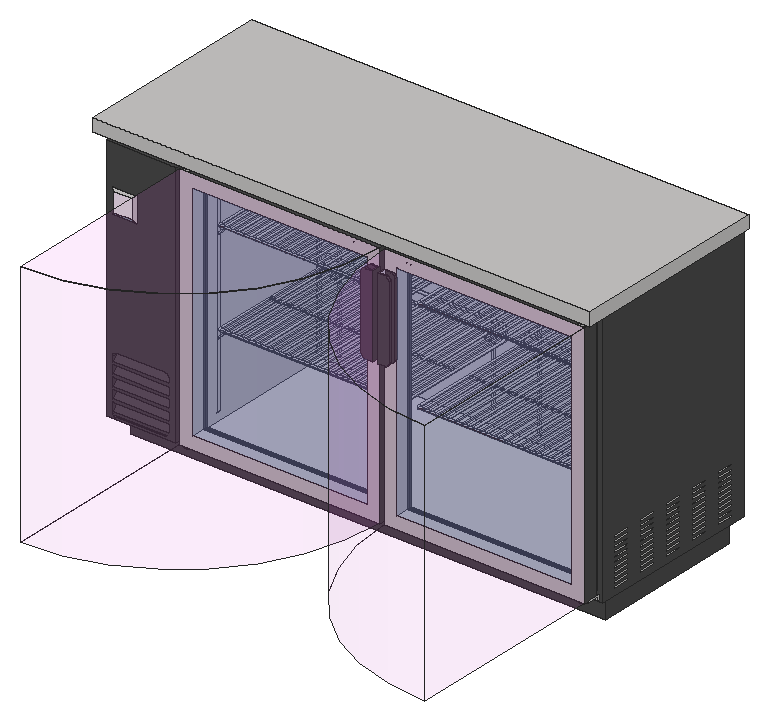
Revit family "QF_Kelvinator_738273_KCHBB60G_2-Glass_Door_Back_Bar_Refrigerator_Black_61_Long", category Specialty Equipment, Revit 2021 (continued)
Definition of nested family "KCHBB48S"
  Definition of nested family "Family1"
    Forms (in)
      Extrusion 13, solid
        sketch origin (-38.39759, -180, 0) x (0, 1, 0) y (1, 0, 0)
          loop
            line (180.5, 38.39759) -> (180.5, 39.50032) -> (178.875, 39.50032)
            arc (178.875, 39.50032) -> (178.32364, 38.94896) -> (178.875, 38.39759) r 0.55136
            line (178.875, 38.39759) -> (180.5, 38.39759)
        from 0 to 0.14873
      Extrusion 14, solid
        sketch origin (0, 0.35049, -1.06969) x (0, 0, 1) y (-1, 0, 0)
          loop
            circle (0.77738, -2.54332) r 0.25
        from 0 to 0.125
      Extrusion 15, solid
        sketch origin (-1.99196, -0.22718, -0.14873) x (-1, 0, 0) y (0, 1, 0)
          loop
            circle (-2.54332, -0.64782) r 0.25
        from 0 to 0.125
      Extrusion 16, solid
        sketch origin (1, 0.35049, -1.06969) x (0, 0, 1) y (-1, 0, 0)
          loop
            circle (0.77738, -0.54332) r 0.25
        from 0 to 0.125
      Extrusion 17, solid
        sketch origin (2, 0.35049, -1.06969) x (0, 0, 1) y (-1, 0, 0)
          loop
            circle (0.77738, 1.45668) r 0.25
        from 0 to 0.125
      Extrusion 18, void
        sketch origin (0, 0, 0) x (1, 0, 0) y (0, 0, 1)
          loop
            line (23.1, 28.9) -> (1.5, 28.9) -> (1.5, 1.5) -> (23.1, 1.5) -> (23.1, 28.9)
        from -0.5 to 1.75
      Extrusion 19, solid
        sketch origin (0, 0, 0) x (1, 0, 0) y (0, 0, 1)
          loop
            line (1.5, 28.9) -> (1.5, 1.5) -> (23.1, 1.5) -> (23.1, 28.9) -> (1.5, 28.9)
        from 0 to 1.75
      Extrusion 20, solid
        sketch origin (0, -1.75, 0) x (1, 0, 0) y (0, 0, 1)
          loop
            line (23.1, 28.28433) -> (23.1, 18.28433) -> (24.6, 18.28433) -> (24.6, 28.28433) -> (23.1, 28.28433)
        from 0 to 1.07803
      Extrusion 21, void
        sketch origin (17.1, -1.75, 28.28433) x (0, 1, 0) y (1, 0, 0)
          loop
            line (-0.20136, 7.25) -> (-0.88809, 7.25) -> (-0.88809, 6) -> (-0.20136, 6) -> (-0.20136, 7.25)
        from 0 to 10
      Extrusion 22, void
        sketch origin (0, -1.75, 0) x (1, 0, 0) y (0, 0, 1)
          loop
            line (24.74063, 28.28433) -> (24.74063, 28.45985) -> (22.91722, 28.45985) -> (22.91722, 27.64371) -> (23.08438, 27.64371)
            arc (23.08438, 27.64371) -> (23.27201, 28.0967) -> (23.725, 28.28433) r 0.64062
            line (23.725, 28.28433) -> (24.74063, 28.28433)
          loop
            line (24.74063, 18.28433) -> (23.725, 18.28433)
            arc (23.725, 18.28433) -> (23.27201, 18.47197) -> (23.08438, 18.92496) r 0.64062
            line (23.08438, 18.92496) -> (22.91722, 18.92496) -> (22.91722, 18.10882) -> (24.74063, 18.10882) -> (24.74063, 18.28433)
        from 0 to 1.07803
      Extrusion 23, solid, visible <- "Show Clearance"
        sketch origin (0, 0, 0) x (1, 0, 0) y (0, 1, 0)
          loop
            line (0, -1.75) -> (0, -26.35)
            arc (0, -26.35) -> (17.39483, -19.14483) -> (24.6, -1.75) r 24.6
            line (24.6, -1.75) -> (0, -1.75)
        from 0 to 30.4
    Cuts and joins
      Extrusion 2, Extrusion 3, Extrusion 18, Extrusion 22 cuts Extrusion 1
      joined: Extrusion 6, Extrusion 7, Extrusion 8, Extrusion 9, Extrusion 10, Extrusion 11
      joined: Extrusion 12, Extrusion 13, Extrusion 14, Extrusion 15, Extrusion 16, Extrusion 17
      Extrusion 18, Extrusion 22 cuts Extrusion 4
      Extrusion 18 cuts Extrusion 5
      Extrusion 22 cuts Extrusion 19
      Extrusion 21, Extrusion 22 cuts Extrusion 20
    Lines and regions (in)
      Split face 1
        outline origin (0, -1.75, 30.4) x (-1, 0, 0) y (0, 0, -1)
          loop
            arc (-21.0075, 0.1875) -> (-20.695, 0.5) -> (-21.0075, 0.8125) r 0.3125
            line (-21.0075, 0.8125) -> (-22.10125, 0.8125)
            arc (-22.10125, 0.8125) -> (-22.41375, 0.5) -> (-22.10125, 0.1875) r 0.3125
            line (-22.10125, 0.1875) -> (-21.0075, 0.1875)
      Split face 2
        outline origin (0, -1.75, 30.4) x (-1, 0, 0) y (0, 0, -1)
          loop
            circle (-21.55437, 0.5) r 0.2773
      symbolic lines, visible <- "Show Clearance"
        curve 1: arc (21.30422, -14.05, 0) -> (23.65628, -8.49837, 0) -> (24.58727, -2.54136, 0) r 24.6
        curve 2: line (1.37067, -2.54136, 0) -> (21.30422, -14.05, 0)
    Dimensions and locks (in)
      equal spacing: plane 3 "LEFT", plane 7 "Center Y", plane 4 "RIGHT"
      "Length": plane 3 "LEFT" to plane 4 "RIGHT"
      equal spacing: plane 5 "FRONT", plane 8 "Center X", plane 1 "BACK"
      "Depth": plane 5 "FRONT" to plane 1 "BACK"
      "Height": plane 6 "TOP" to level
      locked: plane 13 to plane 4 "RIGHT" at 0.3125
      locked: plane 14 to plane 4 "RIGHT" at 1.5
      aligned and locked: level to plane 2
      aligned and locked: cut or joined group of Extrusion 4, Extrusion 18, Extrusion 22 to plane 13
      aligned and locked: cut or joined group of Extrusion 5, Extrusion 18 to plane 13
      aligned and locked: cut or joined group of Extrusion 19, Extrusion 22 to plane 14
      aligned and locked: plane 14 to cut or joined group of Extrusion 20, Extrusion 21, Extrusion 22
    Automatic sketch dimensions
      Extrusion 1 sketch curve to level = 0.000"
      Extrusion 1 sketch curve to plane 3 "LEFT" = 0.000"
      plane 4 "RIGHT" to Extrusion 1 sketch curve = 0.000"
      Extrusion 1 sketch curve to plane 6 "TOP" = 0.000"
      Extrusion 2 sketch curve to plane 6 "TOP" = 4.42179"
      Extrusion 2 sketch curve to Extrusion 2 sketch curve = 0.3367"
      Extrusion 2 sketch curve to Extrusion 2 sketch curve = 0.33813"  (x2)
      Extrusion 2 sketch curve to Extrusion 2 sketch curve = 0.09937"  (x2)
      Extrusion 2 sketch curve to Extrusion 2 sketch curve = 0.1008"  (x2)
      plane 12 to Extrusion 2 sketch curve = 4.2715"
      Extrusion 2 sketch curve to Extrusion 2 sketch curve = 0.06211"
      Extrusion 2 sketch curve to Extrusion 2 sketch curve = 0.541"  (x2)
      plane 7 "Center Y" to Extrusion 2 sketch curve = 4.175"
      Extrusion 2 sketch curve to Extrusion 2 sketch curve = 0.000"
      Extrusion 2 sketch curve to Extrusion 2 sketch curve = 0.47572"
      Extrusion 2 sketch curve to Extrusion 2 sketch curve = 0.063"
      Split face 1 sketch curve to cut or joined group of Extrusion 1, Extrusion 2, Extrusion 3, Extrusion 18, Extrusion 22 = 0.1875"
      cut or joined group of Extrusion 1, Extrusion 2, Extrusion 3, Extrusion 18, Extrusion 22 to Split face 1 sketch curve = 0.2873"  (x2)
      Split face 1 sketch curve to cut or joined group of Extrusion 1, Extrusion 2, Extrusion 3, Extrusion 18, Extrusion 22 = 0.03125"
      Split face 2 sketch curve to cut or joined group of Extrusion 1, Extrusion 2, Extrusion 3, Extrusion 18, Extrusion 22 = 0.03125"
      Split face 2 sketch curve to cut or joined group of Extrusion 1, Extrusion 2, Extrusion 3, Extrusion 18, Extrusion 22 = 0.25958"
      Extrusion 1 to Extrusion 3 sketch curve = 0.46875"
      Extrusion 1 to Extrusion 3 sketch curve = 2.78605"
      Extrusion 3 sketch curve to Extrusion 3 sketch curve = 0.51916"
      Extrusion 3 sketch curve to Extrusion 3 sketch curve = 0.0625"
      Extrusion 4 sketch curve to plane 1 "BACK" = 0.000"
      level to Extrusion 4 sketch curve = 0.32425"
      Extrusion 4 sketch curve to plane 6 "TOP" = 0.32575"
      Extrusion 4 sketch curve to Extrusion 4 sketch curve = 0.250"
      Extrusion 5 sketch curve to plane 9 = 0.000"
      level to Extrusion 5 sketch curve = 0.32425"
      Extrusion 5 sketch curve to plane 6 "TOP" = 0.32575"
      Extrusion 5 sketch curve to Extrusion 5 sketch curve = 0.250"
      Extrusion 6 sketch curve to plane 6 "TOP" = 0.000"
      Extrusion 6 sketch curve to plane 3 "LEFT" = 0.000"
      Extrusion 6 sketch curve to plane 10 = 0.12956"
      plane 12 to Extrusion 6 sketch curve = 2.6875"
      Extrusion 7 sketch curve to plane 9 = 0.000"
      Extrusion 7 sketch curve to plane 3 "LEFT" = 0.000"
      plane 12 to Extrusion 7 sketch curve = 0.23886"
      Extrusion 7 sketch curve to plane 8 "Center X" = 0.250"
      Extrusion 8 sketch curve to Extrusion 6 = 0.29232"
      Extrusion 8 sketch curve to Extrusion 6 = 0.45668"
      Extrusion 9 sketch curve to plane 8 "Center X" = 0.000"
      plane 12 to Extrusion 9 sketch curve = 0.23886"
      Extrusion 10 sketch curve to Extrusion 6 = 0.29232"
      Extrusion 10 sketch curve to Extrusion 6 = 1.45668"
      Extrusion 11 sketch curve to Extrusion 6 = 0.29232"
      Extrusion 11 sketch curve to Extrusion 6 = 0.54332"
      Extrusion 12 sketch curve to level = 0.000"
      Extrusion 12 sketch curve to plane 3 "LEFT" = 0.000"
      Extrusion 12 sketch curve to plane 11 = 0.12956"
      plane 12 to Extrusion 12 sketch curve = 2.6875"
      Extrusion 13 sketch curve to plane 3 "LEFT" = 0.000"
      Extrusion 13 sketch curve to plane 9 = 0.000"
      Extrusion 13 sketch curve to plane 8 "Center X" = 0.250"
      Extrusion 13 sketch curve to Extrusion 13 sketch curve = 0.55136"
      Extrusion 14 sketch curve to Extrusion 12 = 0.29232"
      Extrusion 14 sketch curve to Extrusion 12 = 0.45668"
      Extrusion 15 sketch curve to plane 8 "Center X" = 0.000"
      plane 12 to Extrusion 15 sketch curve = 0.23886"
      Extrusion 16 sketch curve to Extrusion 12 = 0.29232"
      Extrusion 16 sketch curve to Extrusion 12 = 1.45668"
      Extrusion 17 sketch curve to Extrusion 12 = 0.29232"
      Extrusion 17 sketch curve to Extrusion 12 = 0.54332"
      plane 3 "LEFT" to Extrusion 18 sketch curve = 1.500"
      Extrusion 18 sketch curve to plane 6 "TOP" = 1.500"
      level to Extrusion 18 sketch curve = 1.500"
      plane 4 "RIGHT" to Extrusion 18 sketch curve = 1.500"
      plane 12 to Extrusion 19 sketch curve = 1.1875"
      level to Extrusion 19 sketch curve = 1.500"
      Extrusion 19 sketch curve to plane 6 "TOP" = 1.500"
      plane 4 "RIGHT" to Extrusion 20 sketch curve = 0.000"
      Extrusion 20 sketch curve to plane 6 "TOP" = 12.11567"
      Extrusion 20 sketch curve to plane 6 "TOP" = 2.11567"
      Extrusion 21 sketch curve to Extrusion 20 = 1.250"
      Extrusion 21 sketch curve to Extrusion 20 = 1.500"
      Extrusion 20 to Extrusion 21 sketch curve = 0.18994"
      Extrusion 20 to Extrusion 21 sketch curve = 0.20136"
      Extrusion 22 sketch curve to Extrusion 20 = 0.000"  (x2)
      Extrusion 22 sketch curve to Extrusion 20 = 0.18278"  (x2)
      Extrusion 22 sketch curve to Extrusion 20 = 0.01562"  (x2)
      Extrusion 20 to Extrusion 22 sketch curve = 0.625"  (x2)
      Extrusion 22 sketch curve to Extrusion 20 = 0.14062"  (x2)
      Extrusion 22 sketch curve to Extrusion 20 = 0.17552"
      Extrusion 22 sketch curve to Extrusion 22 sketch curve = 0.17552"
      Extrusion 23 sketch curve to plane 3 "LEFT" = 0.000"
      Extrusion 23 sketch curve to plane 4 "RIGHT" = 0.000"
      plane 5 "FRONT" to Extrusion 23 sketch curve = 0.000"
      plane 13 to Extrusion 19 sketch curve = 1.1875"
      plane 13 to Extrusion 20 sketch curve = 1.1875"
      curve 1 to plane 3 "LEFT" = 0.000"
      curve 2 to plane 15 = 0.000"
      curve 1 to plane 15 = 0.000"
      plane 5 "FRONT" to curve 1 = 0.000"
      plane 14 to curve 2 = 1.79578"
      curve 2 to plane 15 = 11.50864"
      plane 12 to curve 2 = 1.05817"
      radius of Split face 2 sketch curve = 0.2773"
      radius of Extrusion 8 sketch curve = 0.250"
      radius of Extrusion 9 sketch curve = 0.250"
      radius of Extrusion 10 sketch curve = 0.250"
      radius of Extrusion 11 sketch curve = 0.250"
      radius of Extrusion 14 sketch curve = 0.250"
      radius of Extrusion 15 sketch curve = 0.250"
      radius of Extrusion 16 sketch curve = 0.250"
      radius of Extrusion 17 sketch curve = 0.250"
  Definition of nested family "Family2"
    Parameters (values of type "Family2")
      Weight in Pounds = 0
      URL Cutsheet = ""
      Specification by User = ""
      Specification by Manufacturer = ""
      Serial Number = ""
      Seismic Rating = ""
      SMACNA No = ""
      Revision Code = ""
      NAFEM Spec ID Number = ""
      Masterspec = ""
      Length = 48.250"
      Item Number = ""
      Installed By = ""
      Identify Quantity as Lot = yes
      Height = 27.000"
      Furnished By = ""
      Foodservice Equipment Identifier = yes
      Depth = 17.500"
      Default Elevation = 0.000"
      CSI MasterFormat = ""
    Reference planes (in)
      plane 1 "BACK": y = 0
      plane 2: z = 0
      plane 3 "LEFT": x = 0
      plane 4 "RIGHT": x = 48.25
      plane 5 "FRONT": y = -17.5
      plane 6 "TOP": z = 27
      plane 7 "Center Y": x = 24.125
      plane 8 "Center X": y = -8.75
    Forms (in)
      Sweep 1, solid
        path origin (0, -0.375, -12.5068) x (1, 0, 0) y (0, 1, 0)
          loop
            arc (0.77862, -0.125) -> (0.60184, -0.19822) -> (0.52862, -0.375) r 0.25
            line (0.52862, -0.375) -> (0.52862, -15.625)
            arc (0.52862, -15.625) -> (0.60184, -15.80178) -> (0.77862, -15.875) r 0.25
            line (0.77862, -15.875) -> (23.06095, -15.875)
            arc (23.06095, -15.875) -> (23.23773, -15.80178) -> (23.31095, -15.625) r 0.25
            line (23.31095, -15.625) -> (23.31095, -0.375)
            arc (23.31095, -0.375) -> (23.23773, -0.19822) -> (23.06095, -0.125) r 0.25
            line (23.06095, -0.125) -> (0.77862, -0.125)
        profile origin (11.91979, -0.5, -12.5068) x (0, 1, 0) y (0, 0, 1)
          loop
            circle (0, 33.51221) r 0.125
      Sweep 2, solid
        path origin (0, -0.375, -12.5068) x (1, 0, 0) y (0, 0, 1)
          loop
            line (0.65748, 33.41305) -> (0.65748, 34.5)
            arc (0.65748, 34.5) -> (0.80392, 34.85355) -> (1.15748, 35) r 0.5
            line (1.15748, 35) -> (22.56127, 35)
            arc (22.56127, 35) -> (22.91483, 34.85355) -> (23.06127, 34.5) r 0.5
            line (23.06127, 34.5) -> (23.06127, 33.39548)
        profile origin (1.15748, -0.375, 22.4932) x (0, 0, 1) y (0, -1, 0)
          loop
            circle (0, 0.125) r 0.125
      Extrusion 3, solid
        sketch origin (0, -0.375, -12.5068) x (1, 0, 0) y (0, 0, 1)
          loop
            circle (1.24728, 33.51221) r 0.11607
          loop
            circle (1.99728, 33.51221) r 0.11719
          loop
            circle (2.74728, 33.51221) r 0.11719
          loop
            circle (3.49728, 33.51221) r 0.11719
          loop
            circle (4.24728, 33.51221) r 0.11719
          loop
            circle (4.99728, 33.51221) r 0.11719
          loop
            circle (5.74728, 33.51221) r 0.11719
          loop
            circle (6.49728, 33.51221) r 0.11719
          loop
            circle (7.24728, 33.51221) r 0.11719
          loop
            circle (7.99728, 33.51221) r 0.11719
          loop
            circle (8.74728, 33.51221) r 0.11719
          loop
            circle (12.59103, 33.51221) r 0.11719
          loop
            circle (9.49728, 33.51221) r 0.11719
          loop
            circle (10.24728, 33.51221) r 0.11719
          loop
            circle (10.99728, 33.51221) r 0.11719
          loop
            circle (11.74728, 33.51221) r 0.11719
          loop
            circle (16.44022, 33.51221) r 0.11719
          loop
            circle (15.69022, 33.51221) r 0.11719
          loop
            circle (14.94022, 33.51221) r 0.11719
          loop
            circle (14.19022, 33.51221) r 0.11719
          loop
            circle (13.44022, 33.51221) r 0.11719
          loop
            circle (18.71603, 33.51221) r 0.11719
          loop
            circle (17.12228, 33.51221) r 0.11719
          loop
            circle (17.87228, 33.51221) r 0.11719
          loop
            circle (22.56522, 33.51221) r 0.11719
          loop
            circle (21.81522, 33.51221) r 0.11719
          loop
            circle (21.06522, 33.51221) r 0.11719
          loop
            circle (20.31522, 33.51221) r 0.11719
          loop
            circle (19.56522, 33.51221) r 0.11719
        from 0.11338 to 15.87625
      Extrusion 4, solid
        sketch origin (0, -0.375, -12.5068) x (0, 1, 0) y (0, 0, 1)
          loop
            circle (-8, 33.51181) r 0.11366
        from 0.53657 to 23.125
      Extrusion 5, solid
        sketch origin (17.375, -16, 0) x (1, 0, 0) y (0, 0, 1)
          loop
            line (30.875, 27) -> (30.69822, 26.82322) -> (30.69822, 0.17678) -> (30.875, 0) -> (30.875, 27)
        from 0 to -0.25
      Extrusion 6, solid
        sketch origin (17.375, -0.5, 0) x (1, 0, 0) y (0, 0, -1)
          loop
            line (30.875, -27) -> (30.875, 0) -> (30.69822, -0.17678) -> (30.69822, -26.82322) -> (30.875, -27)
        from 0 to -0.25
      Extrusion 7, solid
        sketch origin (10.98556, -16, -0.25) x (1, 0, 0) y (0, 0, 1)
          loop
            line (37.08766, 9.5) -> (37.08766, 9.625) -> (36.04932, 9.625)
            arc (36.04932, 9.625) -> (36.01474, 9.60189) -> (36.02285, 9.5611) r 0.03743
            line (36.02285, 9.5611) -> (37.08766, 8.49629) -> (37.08766, 8.67306) -> (36.30703, 9.45369)
            arc (36.30703, 9.45369) -> (36.30115, 9.48325) -> (36.32622, 9.5) r 0.02713
            line (36.32622, 9.5) -> (37.08766, 9.5)
          loop
            line (37.08766, 21) -> (37.08766, 21.125) -> (36.04932, 21.125)
            arc (36.04932, 21.125) -> (36.01474, 21.10189) -> (36.02285, 21.0611) r 0.03743
            line (36.02285, 21.0611) -> (37.08766, 19.99629) -> (37.08766, 20.17306) -> (36.30703, 20.95369)
            arc (36.30703, 20.95369) -> (36.30115, 20.98325) -> (36.32622, 21) r 0.02713
            line (36.32622, 21) -> (37.08766, 21)
        from 0 to -0.25
      Extrusion 8, solid
        sketch origin (11.0625, -0.5, -0.25) x (1, 0, 0) y (0, 0, -1)
          loop
            line (37.01072, -9.5) -> (36.24928, -9.5)
            arc (36.24928, -9.5) -> (36.22422, -9.48325) -> (36.2301, -9.45369) r 0.02713
            line (36.2301, -9.45369) -> (37.01072, -8.67306) -> (37.01072, -8.49629) -> (35.94591, -9.5611)
            arc (35.94591, -9.5611) -> (35.9378, -9.60189) -> (35.97238, -9.625) r 0.03743
            line (35.97238, -9.625) -> (37.01072, -9.625) -> (37.01072, -9.5)
          loop
            line (37.01072, -21) -> (36.24928, -21)
            arc (36.24928, -21) -> (36.22422, -20.98325) -> (36.2301, -20.95369) r 0.02713
            line (36.2301, -20.95369) -> (37.01072, -20.17306) -> (37.01072, -19.99629) -> (35.94591, -21.0611)
            arc (35.94591, -21.0611) -> (35.9378, -21.10189) -> (35.97238, -21.125) r 0.03743
            line (35.97238, -21.125) -> (37.01072, -21.125) -> (37.01072, -21)
        from 0 to -0.25
      Extrusion 9, solid
        sketch origin (18.875, -16, 0) x (-1, 0, 0) y (0, 0, -1)
          loop
            line (18.875, -27) -> (18.875, 0) -> (18.69822, -0.17678) -> (18.69822, -26.82322) -> (18.875, -27)
        from 0 to -0.25
      Extrusion 10, solid
        sketch origin (18.875, -0.5, 0) x (-1, 0, 0) y (0, 0, 1)
          loop
            line (18.875, 27) -> (18.69822, 26.82322) -> (18.69822, 0.17678) -> (18.875, 0) -> (18.875, 27)
        from 0 to -0.25
      Extrusion 11, solid
        sketch origin (25.26444, -16, -0.25) x (-1, 0, 0) y (0, 0, -1)
          loop
            line (25.08766, -9.5) -> (24.32622, -9.5)
            arc (24.32622, -9.5) -> (24.30115, -9.48325) -> (24.30703, -9.45369) r 0.02713
            line (24.30703, -9.45369) -> (25.08766, -8.67306) -> (25.08766, -8.49629) -> (24.02285, -9.5611)
            arc (24.02285, -9.5611) -> (24.01474, -9.60189) -> (24.04932, -9.625) r 0.03743
            line (24.04932, -9.625) -> (25.08766, -9.625) -> (25.08766, -9.5)
          loop
            line (25.08766, -21) -> (24.32622, -21)
            arc (24.32622, -21) -> (24.30115, -20.98325) -> (24.30703, -20.95369) r 0.02713
            line (24.30703, -20.95369) -> (25.08766, -20.17306) -> (25.08766, -19.99629) -> (24.02285, -21.0611)
            arc (24.02285, -21.0611) -> (24.01474, -21.10189) -> (24.04932, -21.125) r 0.03743
            line (24.04932, -21.125) -> (25.08766, -21.125) -> (25.08766, -21)
        from 0 to -0.25
      Extrusion 12, solid
        sketch origin (25.1875, -0.5, -0.25) x (-1, 0, 0) y (0, 0, 1)
          loop
            line (25.01072, 9.5) -> (25.01072, 9.625) -> (23.97238, 9.625)
            arc (23.97238, 9.625) -> (23.9378, 9.60189) -> (23.94591, 9.5611) r 0.03743
            line (23.94591, 9.5611) -> (25.01072, 8.49629) -> (25.01072, 8.67306) -> (24.2301, 9.45369)
            arc (24.2301, 9.45369) -> (24.22422, 9.48325) -> (24.24928, 9.5) r 0.02713
            line (24.24928, 9.5) -> (25.01072, 9.5)
          loop
            line (25.01072, 21) -> (25.01072, 21.125) -> (23.97238, 21.125)
            arc (23.97238, 21.125) -> (23.9378, 21.10189) -> (23.94591, 21.0611) r 0.03743
            line (23.94591, 21.0611) -> (25.01072, 19.99629) -> (25.01072, 20.17306) -> (24.2301, 20.95369)
            arc (24.2301, 20.95369) -> (24.22422, 20.98325) -> (24.24928, 21) r 0.02713
            line (24.24928, 21) -> (25.01072, 21)
        from 0 to -0.25
      Extrusion 13, solid
        sketch origin (2.25171, -18.875, 0) x (0, 1, 0) y (0, 0, -1)
          loop
            line (18.875, -27) -> (18.875, 0) -> (18.69822, -0.17678) -> (18.69822, -26.82322) -> (18.875, -27)
        from 0 to -0.25
      Extrusion 14, solid
        sketch origin (2.25171, -25.26444, -0.25) x (0, 1, 0) y (0, 0, -1)
          loop
            line (25.08766, -9.48438) -> (24.32622, -9.48438)
            arc (24.32622, -9.48438) -> (24.30115, -9.46763) -> (24.30703, -9.43806) r 0.02713
            line (24.30703, -9.43806) -> (25.08766, -8.65744) -> (25.08766, -8.48066) -> (24.02285, -9.54547)
            arc (24.02285, -9.54547) -> (24.01474, -9.58627) -> (24.04932, -9.60938) r 0.03743
            line (24.04932, -9.60938) -> (25.08766, -9.60938) -> (25.08766, -9.48438)
          loop
            line (25.08766, -21) -> (24.32622, -21)
            arc (24.32622, -21) -> (24.30115, -20.98325) -> (24.30703, -20.95369) r 0.02713
            line (24.30703, -20.95369) -> (25.08766, -20.17306) -> (25.08766, -19.99629) -> (24.02285, -21.0611)
            arc (24.02285, -21.0611) -> (24.01474, -21.10189) -> (24.04932, -21.125) r 0.03743
            line (24.04932, -21.125) -> (25.08766, -21.125) -> (25.08766, -21)
        from 0 to -0.25
      Extrusion 15, solid
        sketch origin (21.18921, -18.875, 0) x (0, 1, 0) y (0, 0, -1)
          loop
            line (18.875, -27) -> (18.875, 0) -> (18.69822, -0.17678) -> (18.69822, -26.82322) -> (18.875, -27)
        from 0 to -0.25
      Extrusion 16, solid
        sketch origin (21.18921, -25.26444, -0.25) x (0, 1, 0) y (0, 0, -1)
          loop
            line (25.08766, -9.48438) -> (24.32622, -9.48438)
            arc (24.32622, -9.48438) -> (24.30115, -9.46763) -> (24.30703, -9.43806) r 0.02713
            line (24.30703, -9.43806) -> (25.08766, -8.65744) -> (25.08766, -8.48066) -> (24.02285, -9.54547)
            arc (24.02285, -9.54547) -> (24.01474, -9.58627) -> (24.04932, -9.60938) r 0.03743
            line (24.04932, -9.60938) -> (25.08766, -9.60938) -> (25.08766, -9.48438)
          loop
            line (25.08766, -21) -> (24.32622, -21)
            arc (24.32622, -21) -> (24.30115, -20.98325) -> (24.30703, -20.95369) r 0.02713
            line (24.30703, -20.95369) -> (25.08766, -20.17306) -> (25.08766, -19.99629) -> (24.02285, -21.0611)
            arc (24.02285, -21.0611) -> (24.01474, -21.10189) -> (24.04932, -21.125) r 0.03743
            line (24.04932, -21.125) -> (25.08766, -21.125) -> (25.08766, -21)
        from 0 to -0.25
      Sweep 17, solid
        path origin (0, -0.375, -24.0068) x (1, 0, 0) y (0, 1, 0)
          loop
            arc (0.77862, -0.125) -> (0.60184, -0.19822) -> (0.52862, -0.375) r 0.25
            line (0.52862, -0.375) -> (0.52862, -15.625)
            arc (0.52862, -15.625) -> (0.60184, -15.80178) -> (0.77862, -15.875) r 0.25
            line (0.77862, -15.875) -> (23.06095, -15.875)
            arc (23.06095, -15.875) -> (23.23773, -15.80178) -> (23.31095, -15.625) r 0.25
            line (23.31095, -15.625) -> (23.31095, -0.375)
            arc (23.31095, -0.375) -> (23.23773, -0.19822) -> (23.06095, -0.125) r 0.25
            line (23.06095, -0.125) -> (0.77862, -0.125)
        profile origin (11.91979, -0.5, -24.0068) x (0, 1, 0) y (0, 0, 1)
          loop
            circle (0, 33.51221) r 0.125
      Sweep 18, solid
        path origin (0, -0.375, -24.0068) x (1, 0, 0) y (0, 0, 1)
          loop
            line (0.65748, 33.41305) -> (0.65748, 34.5)
            arc (0.65748, 34.5) -> (0.80392, 34.85355) -> (1.15748, 35) r 0.5
            line (1.15748, 35) -> (22.56127, 35)
            arc (22.56127, 35) -> (22.91483, 34.85355) -> (23.06127, 34.5) r 0.5
            line (23.06127, 34.5) -> (23.06127, 33.39548)
        profile origin (1.15748, -0.375, 10.9932) x (0, 0, 1) y (0, -1, 0)
          loop
            circle (0, 0.125) r 0.125
      Extrusion 19, solid
        sketch origin (0, -0.375, -24.0068) x (1, 0, 0) y (0, 0, 1)
          loop
            circle (1.24728, 33.51221) r 0.11607
          loop
            circle (1.99728, 33.51221) r 0.11719
          loop
            circle (2.74728, 33.51221) r 0.11719
          loop
            circle (3.49728, 33.51221) r 0.11719
          loop
            circle (4.24728, 33.51221) r 0.11719
          loop
            circle (4.99728, 33.51221) r 0.11719
          loop
            circle (5.74728, 33.51221) r 0.11719
          loop
            circle (6.49728, 33.51221) r 0.11719
          loop
            circle (7.24728, 33.51221) r 0.11719
          loop
            circle (7.99728, 33.51221) r 0.11719
          loop
            circle (8.74728, 33.51221) r 0.11719
          loop
            circle (12.59103, 33.51221) r 0.11719
          loop
            circle (9.49728, 33.51221) r 0.11719
          loop
            circle (10.24728, 33.51221) r 0.11719
          loop
            circle (10.99728, 33.51221) r 0.11719
          loop
            circle (11.74728, 33.51221) r 0.11719
          loop
            circle (16.44022, 33.51221) r 0.11719
          loop
            circle (15.69022, 33.51221) r 0.11719
          loop
            circle (14.94022, 33.51221) r 0.11719
          loop
            circle (14.19022, 33.51221) r 0.11719
          loop
            circle (13.44022, 33.51221) r 0.11719
          loop
            circle (18.71603, 33.51221) r 0.11719
          loop
            circle (17.12228, 33.51221) r 0.11719
          loop
            circle (17.87228, 33.51221) r 0.11719
          loop
            circle (22.56522, 33.51221) r 0.11719
          loop
            circle (21.81522, 33.51221) r 0.11719
          loop
            circle (21.06522, 33.51221) r 0.11719
          loop
            circle (20.31522, 33.51221) r 0.11719
          loop
            circle (19.56522, 33.51221) r 0.11719
        from 0.11338 to 15.87625
      Extrusion 20, solid
        sketch origin (0, -0.375, -24.0068) x (0, 1, 0) y (0, 0, 1)
          loop
            circle (-8, 33.51181) r 0.11366
        from 0.53657 to 23.125
      Sweep 21, solid
        path origin (48.25, -0.375, -12.5068) x (-1, 0, 0) y (0, -1, 0)
          loop
            line (0.77862, 0.125) -> (23.06095, 0.125)
            arc (23.06095, 0.125) -> (23.23773, 0.19822) -> (23.31095, 0.375) r 0.25
            line (23.31095, 0.375) -> (23.31095, 15.625)
            arc (23.31095, 15.625) -> (23.23773, 15.80178) -> (23.06095, 15.875) r 0.25
            line (23.06095, 15.875) -> (0.77862, 15.875)
            arc (0.77862, 15.875) -> (0.60184, 15.80178) -> (0.52862, 15.625) r 0.25
            line (0.52862, 15.625) -> (0.52862, 0.375)
            arc (0.52862, 0.375) -> (0.60184, 0.19822) -> (0.77862, 0.125) r 0.25
        profile origin (36.33021, -0.5, -12.5068) x (0, -1, 0) y (0, 0, 1)
          loop
            circle (0, 33.51221) r 0.125
      Sweep 22, solid
        path origin (48.25, -0.375, -12.5068) x (-1, 0, 0) y (0, 0, -1)
          loop
            line (0.65748, -33.41305) -> (0.65748, -34.5)
            arc (0.65748, -34.5) -> (0.80392, -34.85355) -> (1.15748, -35) r 0.5
            line (1.15748, -35) -> (22.56127, -35)
            arc (22.56127, -35) -> (22.91483, -34.85355) -> (23.06127, -34.5) r 0.5
            line (23.06127, -34.5) -> (23.06127, -33.39548)
        profile origin (47.09252, -0.375, 22.4932) x (0, 0, -1) y (0, -1, 0)
          loop
            circle (0, 0.125) r 0.125
      Extrusion 23, solid
        sketch origin (48.25, -0.375, -12.5068) x (-1, 0, 0) y (0, 0, -1)
          loop
            circle (1.24728, -33.51221) r 0.11607
          loop
            circle (1.99728, -33.51221) r 0.11719
          loop
            circle (2.74728, -33.51221) r 0.11719
          loop
            circle (3.49728, -33.51221) r 0.11719
          loop
            circle (4.24728, -33.51221) r 0.11719
          loop
            circle (4.99728, -33.51221) r 0.11719
          loop
            circle (5.74728, -33.51221) r 0.11719
          loop
            circle (6.49728, -33.51221) r 0.11719
          loop
            circle (7.24728, -33.51221) r 0.11719
          loop
            circle (7.99728, -33.51221) r 0.11719
          loop
            circle (8.74728, -33.51221) r 0.11719
          loop
            circle (12.59103, -33.51221) r 0.11719
          loop
            circle (9.49728, -33.51221) r 0.11719
          loop
            circle (10.24728, -33.51221) r 0.11719
          loop
            circle (10.99728, -33.51221) r 0.11719
          loop
            circle (11.74728, -33.51221) r 0.11719
          loop
            circle (16.44022, -33.51221) r 0.11719
          loop
            circle (15.69022, -33.51221) r 0.11719
          loop
            circle (14.94022, -33.51221) r 0.11719
          loop
            circle (14.19022, -33.51221) r 0.11719
          loop
            circle (13.44022, -33.51221) r 0.11719
          loop
            circle (18.71603, -33.51221) r 0.11719
          loop
            circle (17.12228, -33.51221) r 0.11719
          loop
            circle (17.87228, -33.51221) r 0.11719
          loop
            circle (22.56522, -33.51221) r 0.11719
          loop
            circle (21.81522, -33.51221) r 0.11719
          loop
            circle (21.06522, -33.51221) r 0.11719
          loop
            circle (20.31522, -33.51221) r 0.11719
          loop
            circle (19.56522, -33.51221) r 0.11719
        from 0.11338 to 15.87625
      Extrusion 24, solid
        sketch origin (48.25, -0.375, -12.5068) x (0, 1, 0) y (0, 0, -1)
          loop
            circle (-8, -33.51181) r 0.11366
        from 0.53657 to 23.125
      Sweep 25, solid
        path origin (48.25, -0.375, -24.0068) x (-1, 0, 0) y (0, -1, 0)
          loop
            line (0.77862, 0.125) -> (23.06095, 0.125)
            arc (23.06095, 0.125) -> (23.23773, 0.19822) -> (23.31095, 0.375) r 0.25
            line (23.31095, 0.375) -> (23.31095, 15.625)
            arc (23.31095, 15.625) -> (23.23773, 15.80178) -> (23.06095, 15.875) r 0.25
            line (23.06095, 15.875) -> (0.77862, 15.875)
            arc (0.77862, 15.875) -> (0.60184, 15.80178) -> (0.52862, 15.625) r 0.25
            line (0.52862, 15.625) -> (0.52862, 0.375)
            arc (0.52862, 0.375) -> (0.60184, 0.19822) -> (0.77862, 0.125) r 0.25
        profile origin (36.33021, -0.5, -24.0068) x (0, -1, 0) y (0, 0, 1)
          loop
            circle (0, 33.51221) r 0.125
      Sweep 26, solid
        path origin (48.25, -0.375, -24.0068) x (-1, 0, 0) y (0, 0, -1)
          loop
            line (0.65748, -33.41305) -> (0.65748, -34.5)
            arc (0.65748, -34.5) -> (0.80392, -34.85355) -> (1.15748, -35) r 0.5
            line (1.15748, -35) -> (22.56127, -35)
            arc (22.56127, -35) -> (22.91483, -34.85355) -> (23.06127, -34.5) r 0.5
            line (23.06127, -34.5) -> (23.06127, -33.39548)
        profile origin (47.09252, -0.375, 10.9932) x (0, 0, -1) y (0, -1, 0)
          loop
            circle (0, 0.125) r 0.125
      Extrusion 27, solid
        sketch origin (48.25, -0.375, -24.0068) x (-1, 0, 0) y (0, 0, -1)
          loop
            circle (1.24728, -33.51221) r 0.11607
          loop
            circle (1.99728, -33.51221) r 0.11719
          loop
            circle (2.74728, -33.51221) r 0.11719
          loop
            circle (3.49728, -33.51221) r 0.11719
          loop
            circle (4.24728, -33.51221) r 0.11719
          loop
            circle (4.99728, -33.51221) r 0.11719
          loop
            circle (5.74728, -33.51221) r 0.11719
          loop
            circle (6.49728, -33.51221) r 0.11719
          loop
            circle (7.24728, -33.51221) r 0.11719
          loop
            circle (7.99728, -33.51221) r 0.11719
          loop
            circle (8.74728, -33.51221) r 0.11719
          loop
            circle (12.59103, -33.51221) r 0.11719
          loop
            circle (9.49728, -33.51221) r 0.11719
          loop
            circle (10.24728, -33.51221) r 0.11719
          loop
            circle (10.99728, -33.51221) r 0.11719
          loop
            circle (11.74728, -33.51221) r 0.11719
          loop
            circle (16.44022, -33.51221) r 0.11719
          loop
            circle (15.69022, -33.51221) r 0.11719
          loop
            circle (14.94022, -33.51221) r 0.11719
          loop
            circle (14.19022, -33.51221) r 0.11719
          loop
            circle (13.44022, -33.51221) r 0.11719
          loop
            circle (18.71603, -33.51221) r 0.11719
          loop
            circle (17.12228, -33.51221) r 0.11719
          loop
            circle (17.87228, -33.51221) r 0.11719
          loop
            circle (22.56522, -33.51221) r 0.11719
          loop
            circle (21.81522, -33.51221) r 0.11719
          loop
            circle (21.06522, -33.51221) r 0.11719
          loop
            circle (20.31522, -33.51221) r 0.11719
          loop
            circle (19.56522, -33.51221) r 0.11719
        from 0.11338 to 15.87625
      Extrusion 28, solid
        sketch origin (48.25, -0.375, -24.0068) x (0, 1, 0) y (0, 0, -1)
          loop
            circle (-8, -33.51181) r 0.11366
        from 0.53657 to 23.125
      Extrusion 29, solid
        sketch origin (45.99829, -18.875, 0) x (0, 1, 0) y (0, 0, 1)
          loop
            line (18.875, 27) -> (18.69822, 26.82322) -> (18.69822, 0.17678) -> (18.875, 0) -> (18.875, 27)
        from 0 to -0.25
      Extrusion 30, solid
        sketch origin (45.99829, -25.26444, -0.25) x (0, 1, 0) y (0, 0, 1)
          loop
            line (25.08766, 9.48438) -> (25.08766, 9.60938) -> (24.04932, 9.60938)
            arc (24.04932, 9.60938) -> (24.01474, 9.58627) -> (24.02285, 9.54547) r 0.03743
            line (24.02285, 9.54547) -> (25.08766, 8.48066) -> (25.08766, 8.65744) -> (24.30703, 9.43806)
            arc (24.30703, 9.43806) -> (24.30115, 9.46763) -> (24.32622, 9.48438) r 0.02713
            line (24.32622, 9.48438) -> (25.08766, 9.48438)
          loop
            line (25.08766, 21) -> (25.08766, 21.125) -> (24.04932, 21.125)
            arc (24.04932, 21.125) -> (24.01474, 21.10189) -> (24.02285, 21.0611) r 0.03743
            line (24.02285, 21.0611) -> (25.08766, 19.99629) -> (25.08766, 20.17306) -> (24.30703, 20.95369)
            arc (24.30703, 20.95369) -> (24.30115, 20.98325) -> (24.32622, 21) r 0.02713
            line (24.32622, 21) -> (25.08766, 21)
        from 0 to -0.25
      Extrusion 31, solid
        sketch origin (27.06079, -18.875, 0) x (0, 1, 0) y (0, 0, 1)
          loop
            line (18.875, 27) -> (18.69822, 26.82322) -> (18.69822, 0.17678) -> (18.875, 0) -> (18.875, 27)
        from 0 to -0.25
      Extrusion 32, solid
        sketch origin (27.06079, -25.26444, -0.25) x (0, 1, 0) y (0, 0, 1)
          loop
            line (25.08766, 9.48438) -> (25.08766, 9.60938) -> (24.04932, 9.60938)
            arc (24.04932, 9.60938) -> (24.01474, 9.58627) -> (24.02285, 9.54547) r 0.03743
            line (24.02285, 9.54547) -> (25.08766, 8.48066) -> (25.08766, 8.65744) -> (24.30703, 9.43806)
            arc (24.30703, 9.43806) -> (24.30115, 9.46763) -> (24.32622, 9.48438) r 0.02713
            line (24.32622, 9.48438) -> (25.08766, 9.48438)
          loop
            line (25.08766, 21) -> (25.08766, 21.125) -> (24.04932, 21.125)
            arc (24.04932, 21.125) -> (24.01474, 21.10189) -> (24.02285, 21.0611) r 0.03743
            line (24.02285, 21.0611) -> (25.08766, 19.99629) -> (25.08766, 20.17306) -> (24.30703, 20.95369)
            arc (24.30703, 20.95369) -> (24.30115, 20.98325) -> (24.32622, 21) r 0.02713
            line (24.32622, 21) -> (25.08766, 21)
        from 0 to -0.25
    Dimensions and locks (in)
      equal spacing: plane 3 "LEFT", plane 7 "Center Y", plane 4 "RIGHT"
      "Length": plane 3 "LEFT" to plane 4 "RIGHT"
      equal spacing: plane 5 "FRONT", plane 8 "Center X", plane 1 "BACK"
      "Depth": plane 5 "FRONT" to plane 1 "BACK"
      "Height": plane 6 "TOP" to level
      aligned and locked: level to plane 2
    Automatic sketch dimensions
      plane 3 "LEFT" to Sweep 1 sketch curve = 0.52862"
      Sweep 1 sketch curve to Sweep 1 sketch curve = 0.250"  (x3)
      plane 1 "BACK" to Sweep 1 sketch curve = 0.500"
      Sweep 1 sketch curve to plane 7 "Center Y" = 1.06405"  (x2)
      Sweep 1 sketch curve to plane 5 "FRONT" = 1.500"
      Sweep 1 sketch curve to profile plane = 0.000"
      profile plane to Sweep 1 sketch curve = 33.51221"
      plane 3 "LEFT" to Sweep 2 sketch curve = 0.65748"
      Sweep 2 sketch curve to Sweep 2 sketch curve = 0.500"  (x2)
      Sweep 2 sketch curve to plane 7 "Center Y" = 1.56373"
      Sweep 2 sketch curve to plane 6 "TOP" = 5.0068"
      Sweep 2 sketch curve to Sweep 2 sketch curve = 1.08695"
      Sweep 2 sketch curve to Sweep 2 sketch curve = 1.10452"
      profile plane to Sweep 2 sketch curve = 0.000"
      profile plane to Sweep 2 sketch curve = 0.125"
      plane 3 "LEFT" to Extrusion 3 sketch curve = 1.24728"
      Extrusion 3 sketch curve to Extrusion 3 sketch curve = 0.750"  (x23)
      Extrusion 3 sketch curve to Extrusion 3 sketch curve = 0.84375"  (x2)
      Extrusion 3 sketch curve to Extrusion 3 sketch curve = 0.8492"  (x2)
      Extrusion 3 sketch curve to Extrusion 3 sketch curve = 0.68205"
      Extrusion 3 sketch curve to plane 6 "TOP" = 5.99459"
      Extrusion 3 sketch curve to Extrusion 3 sketch curve = 0.000"  (x28)
      plane 8 "Center X" to Extrusion 4 sketch curve = 0.375"
      Extrusion 4 sketch curve to plane 6 "TOP" = 5.99499"
      plane 4 "RIGHT" to Extrusion 5 sketch curve = 0.000"
      Extrusion 5 sketch curve to level = 0.000"
      Extrusion 5 sketch curve to plane 6 "TOP" = 0.000"
      plane 4 "RIGHT" to Extrusion 5 sketch curve = 0.17678"
      level to Extrusion 5 sketch curve = 0.17678"
      Extrusion 5 sketch curve to plane 6 "TOP" = 0.17678"
      plane 4 "RIGHT" to Extrusion 6 sketch curve = 0.000"
      Extrusion 6 sketch curve to plane 6 "TOP" = 0.000"
      Extrusion 6 sketch curve to level = 0.000"
      plane 4 "RIGHT" to Extrusion 6 sketch curve = 0.17678"
      Extrusion 6 sketch curve to plane 6 "TOP" = 0.17678"
      level to Extrusion 6 sketch curve = 0.17678"
      plane 4 "RIGHT" to Extrusion 7 sketch curve = 1.24159"  (x2)
      Extrusion 7 sketch curve to Extrusion 7 sketch curve = 0.02647"  (x4)
      Extrusion 7 sketch curve to Extrusion 7 sketch curve = 0.25771"  (x2)
      Extrusion 7 sketch curve to Extrusion 7 sketch curve = 0.01918"  (x4)
      plane 4 "RIGHT" to Extrusion 7 sketch curve = 0.17678"  (x4)
      level to Extrusion 7 sketch curve = 8.24629"
      Extrusion 7 sketch curve to Extrusion 7 sketch curve = 0.17678"  (x2)
      Extrusion 7 sketch curve to Extrusion 7 sketch curve = 0.78063"  (x2)
      Extrusion 7 sketch curve to Extrusion 7 sketch curve = 0.10741"  (x2)
      Extrusion 7 sketch curve to plane 6 "TOP" = 7.25371"
      plane 4 "RIGHT" to Extrusion 8 sketch curve = 1.24159"  (x2)
      Extrusion 8 sketch curve to Extrusion 8 sketch curve = 0.02647"  (x2)
      Extrusion 8 sketch curve to Extrusion 8 sketch curve = 0.25771"  (x2)
      Extrusion 8 sketch curve to Extrusion 8 sketch curve = 0.01918"  (x2)
      plane 4 "RIGHT" to Extrusion 8 sketch curve = 0.17678"  (x4)
      Extrusion 8 sketch curve to plane 6 "TOP" = 6.125"
      Extrusion 8 sketch curve to Extrusion 8 sketch curve = 0.03743"  (x2)
      Extrusion 8 sketch curve to Extrusion 8 sketch curve = 0.125"  (x2)
      Extrusion 8 sketch curve to Extrusion 8 sketch curve = 0.02713"  (x2)
      Extrusion 8 sketch curve to Extrusion 8 sketch curve = 0.82694"  (x2)
      Extrusion 8 sketch curve to Extrusion 8 sketch curve = 0.17678"  (x2)
      level to Extrusion 8 sketch curve = 9.375"
      Extrusion 9 sketch curve to plane 3 "LEFT" = 0.000"
      Extrusion 9 sketch curve to plane 6 "TOP" = 0.000"
      Extrusion 9 sketch curve to level = 0.000"
      plane 3 "LEFT" to Extrusion 9 sketch curve = 0.17678"
      Extrusion 9 sketch curve to plane 6 "TOP" = 0.17678"
      level to Extrusion 9 sketch curve = 0.17678"
      Extrusion 10 sketch curve to plane 3 "LEFT" = 0.000"
      Extrusion 10 sketch curve to level = 0.000"
      Extrusion 10 sketch curve to plane 6 "TOP" = 0.000"
      plane 3 "LEFT" to Extrusion 10 sketch curve = 0.17678"
      level to Extrusion 10 sketch curve = 0.17678"
      Extrusion 10 sketch curve to plane 6 "TOP" = 0.17678"
      plane 3 "LEFT" to Extrusion 11 sketch curve = 1.24159"  (x2)
      Extrusion 11 sketch curve to Extrusion 11 sketch curve = 0.02647"  (x2)
      Extrusion 11 sketch curve to Extrusion 11 sketch curve = 0.25771"  (x2)
      Extrusion 11 sketch curve to Extrusion 11 sketch curve = 0.01918"  (x2)
      plane 3 "LEFT" to Extrusion 11 sketch curve = 0.17678"  (x4)
      Extrusion 11 sketch curve to plane 6 "TOP" = 6.125"
      Extrusion 11 sketch curve to Extrusion 11 sketch curve = 0.03743"  (x2)
      Extrusion 11 sketch curve to Extrusion 11 sketch curve = 0.125"  (x2)
      Extrusion 11 sketch curve to Extrusion 11 sketch curve = 0.02713"  (x2)
      Extrusion 11 sketch curve to Extrusion 11 sketch curve = 0.82694"  (x2)
      Extrusion 11 sketch curve to Extrusion 11 sketch curve = 0.17678"  (x2)
      level to Extrusion 11 sketch curve = 9.375"
      plane 3 "LEFT" to Extrusion 12 sketch curve = 1.24159"  (x2)
      Extrusion 12 sketch curve to Extrusion 12 sketch curve = 0.02647"  (x4)
      Extrusion 12 sketch curve to Extrusion 12 sketch curve = 0.25771"  (x2)
      Extrusion 12 sketch curve to Extrusion 12 sketch curve = 0.01918"  (x4)
      plane 3 "LEFT" to Extrusion 12 sketch curve = 0.17678"  (x4)
      level to Extrusion 12 sketch curve = 8.24629"
      Extrusion 12 sketch curve to Extrusion 12 sketch curve = 0.17678"  (x2)
      Extrusion 12 sketch curve to Extrusion 12 sketch curve = 0.78063"  (x2)
      Extrusion 12 sketch curve to Extrusion 12 sketch curve = 0.10741"  (x2)
      Extrusion 12 sketch curve to plane 6 "TOP" = 7.25371"
      Extrusion 13 sketch curve to plane 1 "BACK" = 0.000"
      Extrusion 13 sketch curve to plane 6 "TOP" = 0.000"
      Extrusion 13 sketch curve to level = 0.000"
      plane 1 "BACK" to Extrusion 13 sketch curve = 0.17678"
      Extrusion 13 sketch curve to plane 6 "TOP" = 0.17678"
      level to Extrusion 13 sketch curve = 0.17678"
      plane 1 "BACK" to Extrusion 14 sketch curve = 1.24159"  (x2)
      Extrusion 14 sketch curve to Extrusion 14 sketch curve = 0.02647"  (x2)
      Extrusion 14 sketch curve to Extrusion 14 sketch curve = 0.25771"  (x2)
      Extrusion 14 sketch curve to Extrusion 14 sketch curve = 0.01918"  (x2)
      plane 1 "BACK" to Extrusion 14 sketch curve = 0.17678"  (x4)
      Extrusion 14 sketch curve to plane 6 "TOP" = 6.125"
      Extrusion 14 sketch curve to Extrusion 14 sketch curve = 0.03743"  (x2)
      Extrusion 14 sketch curve to Extrusion 14 sketch curve = 0.125"  (x2)
      Extrusion 14 sketch curve to Extrusion 14 sketch curve = 0.02713"  (x2)
      Extrusion 14 sketch curve to Extrusion 14 sketch curve = 0.82694"  (x2)
      Extrusion 14 sketch curve to Extrusion 14 sketch curve = 0.17678"  (x2)
      level to Extrusion 14 sketch curve = 9.35938"
      Extrusion 15 sketch curve to plane 1 "BACK" = 0.000"
      Extrusion 15 sketch curve to plane 6 "TOP" = 0.000"
      Extrusion 15 sketch curve to level = 0.000"
      plane 1 "BACK" to Extrusion 15 sketch curve = 0.17678"
      Extrusion 15 sketch curve to plane 6 "TOP" = 0.17678"
      level to Extrusion 15 sketch curve = 0.17678"
      plane 1 "BACK" to Extrusion 16 sketch curve = 1.24159"  (x2)
      Extrusion 16 sketch curve to Extrusion 16 sketch curve = 0.02647"  (x2)
      Extrusion 16 sketch curve to Extrusion 16 sketch curve = 0.25771"  (x2)
      Extrusion 16 sketch curve to Extrusion 16 sketch curve = 0.01918"  (x2)
      plane 1 "BACK" to Extrusion 16 sketch curve = 0.17678"  (x4)
      Extrusion 16 sketch curve to plane 6 "TOP" = 6.125"
      Extrusion 16 sketch curve to Extrusion 16 sketch curve = 0.03743"  (x2)
      Extrusion 16 sketch curve to Extrusion 16 sketch curve = 0.125"  (x2)
      Extrusion 16 sketch curve to Extrusion 16 sketch curve = 0.02713"  (x2)
      Extrusion 16 sketch curve to Extrusion 16 sketch curve = 0.82694"  (x2)
      Extrusion 16 sketch curve to Extrusion 16 sketch curve = 0.17678"  (x2)
      level to Extrusion 16 sketch curve = 9.35938"
      plane 3 "LEFT" to Sweep 17 sketch curve = 0.52862"
      Sweep 17 sketch curve to Sweep 17 sketch curve = 0.250"  (x3)
      plane 1 "BACK" to Sweep 17 sketch curve = 0.500"
      Sweep 17 sketch curve to plane 7 "Center Y" = 1.06405"  (x2)
      Sweep 17 sketch curve to plane 5 "FRONT" = 1.500"
      Sweep 17 sketch curve to profile plane = 0.000"
      profile plane to Sweep 17 sketch curve = 33.51221"
      plane 3 "LEFT" to Sweep 18 sketch curve = 0.65748"
      Sweep 18 sketch curve to Sweep 18 sketch curve = 0.500"  (x2)
      Sweep 18 sketch curve to plane 7 "Center Y" = 1.56373"
      level to Sweep 18 sketch curve = 10.4932"
      Sweep 18 sketch curve to Sweep 18 sketch curve = 1.08695"
      Sweep 18 sketch curve to Sweep 18 sketch curve = 1.10452"
      profile plane to Sweep 18 sketch curve = 0.000"
      profile plane to Sweep 18 sketch curve = 0.125"
      plane 3 "LEFT" to Extrusion 19 sketch curve = 1.24728"
      Extrusion 19 sketch curve to Extrusion 19 sketch curve = 0.750"  (x23)
      Extrusion 19 sketch curve to Extrusion 19 sketch curve = 0.84375"  (x2)
      Extrusion 19 sketch curve to Extrusion 19 sketch curve = 0.8492"  (x2)
      Extrusion 19 sketch curve to Extrusion 19 sketch curve = 0.68205"
      level to Extrusion 19 sketch curve = 9.50541"
      Extrusion 19 sketch curve to Extrusion 19 sketch curve = 0.000"  (x28)
      plane 8 "Center X" to Extrusion 20 sketch curve = 0.375"
      level to Extrusion 20 sketch curve = 9.50501"
      plane 4 "RIGHT" to Sweep 21 sketch curve = 0.52862"
      Sweep 21 sketch curve to Sweep 21 sketch curve = 0.250"  (x3)
      plane 1 "BACK" to Sweep 21 sketch curve = 0.500"
      plane 7 "Center Y" to Sweep 21 sketch curve = 1.06405"  (x2)
      Sweep 21 sketch curve to plane 5 "FRONT" = 1.500"
      Sweep 21 sketch curve to profile plane = 0.000"
      profile plane to Sweep 21 sketch curve = 33.51221"
      plane 4 "RIGHT" to Sweep 22 sketch curve = 0.65748"
      Sweep 22 sketch curve to Sweep 22 sketch curve = 0.500"  (x2)
      plane 7 "Center Y" to Sweep 22 sketch curve = 1.56373"
      Sweep 22 sketch curve to plane 6 "TOP" = 4.5068"
      Sweep 22 sketch curve to Sweep 22 sketch curve = 1.08695"
      Sweep 22 sketch curve to Sweep 22 sketch curve = 1.10452"
      Sweep 22 sketch curve to profile plane = 0.000"
      profile plane to Sweep 22 sketch curve = 0.125"
      plane 4 "RIGHT" to Extrusion 23 sketch curve = 1.24728"
      Extrusion 23 sketch curve to Extrusion 23 sketch curve = 0.750"  (x23)
      Extrusion 23 sketch curve to Extrusion 23 sketch curve = 0.84375"  (x2)
      Extrusion 23 sketch curve to Extrusion 23 sketch curve = 0.8492"  (x2)
      Extrusion 23 sketch curve to Extrusion 23 sketch curve = 0.68205"
      Extrusion 23 sketch curve to plane 6 "TOP" = 5.99459"
      Extrusion 23 sketch curve to Extrusion 23 sketch curve = 0.000"  (x28)
      plane 8 "Center X" to Extrusion 24 sketch curve = 0.375"
      Extrusion 24 sketch curve to plane 6 "TOP" = 5.99499"
      plane 4 "RIGHT" to Sweep 25 sketch curve = 0.52862"
      Sweep 25 sketch curve to Sweep 25 sketch curve = 0.250"  (x3)
      plane 1 "BACK" to Sweep 25 sketch curve = 0.500"
      plane 7 "Center Y" to Sweep 25 sketch curve = 1.06405"  (x2)
      Sweep 25 sketch curve to plane 5 "FRONT" = 1.500"
      Sweep 25 sketch curve to profile plane = 0.000"
      profile plane to Sweep 25 sketch curve = 33.51221"
      plane 4 "RIGHT" to Sweep 26 sketch curve = 0.65748"
      Sweep 26 sketch curve to Sweep 26 sketch curve = 0.500"  (x2)
      plane 7 "Center Y" to Sweep 26 sketch curve = 1.56373"
      level to Sweep 26 sketch curve = 10.9932"
      Sweep 26 sketch curve to Sweep 26 sketch curve = 1.08695"
      Sweep 26 sketch curve to Sweep 26 sketch curve = 1.10452"
      Sweep 26 sketch curve to profile plane = 0.000"
      profile plane to Sweep 26 sketch curve = 0.125"
      plane 4 "RIGHT" to Extrusion 27 sketch curve = 1.24728"
      Extrusion 27 sketch curve to Extrusion 27 sketch curve = 0.750"  (x23)
      Extrusion 27 sketch curve to Extrusion 27 sketch curve = 0.84375"  (x2)
      Extrusion 27 sketch curve to Extrusion 27 sketch curve = 0.8492"  (x2)
      Extrusion 27 sketch curve to Extrusion 27 sketch curve = 0.68205"
      level to Extrusion 27 sketch curve = 9.50541"
      Extrusion 27 sketch curve to Extrusion 27 sketch curve = 0.000"  (x28)
      plane 8 "Center X" to Extrusion 28 sketch curve = 0.375"
      level to Extrusion 28 sketch curve = 9.50501"
      Extrusion 29 sketch curve to plane 1 "BACK" = 0.000"
      Extrusion 29 sketch curve to level = 0.000"
      Extrusion 29 sketch curve to plane 6 "TOP" = 0.000"
      plane 1 "BACK" to Extrusion 29 sketch curve = 0.17678"
      level to Extrusion 29 sketch curve = 0.17678"
      Extrusion 29 sketch curve to plane 6 "TOP" = 0.17678"
      plane 1 "BACK" to Extrusion 30 sketch curve = 1.24159"  (x2)
      Extrusion 30 sketch curve to Extrusion 30 sketch curve = 0.02647"  (x4)
      Extrusion 30 sketch curve to Extrusion 30 sketch curve = 0.25771"  (x2)
      Extrusion 30 sketch curve to Extrusion 30 sketch curve = 0.01918"  (x4)
      plane 1 "BACK" to Extrusion 30 sketch curve = 0.17678"  (x4)
      level to Extrusion 30 sketch curve = 8.23066"
      Extrusion 30 sketch curve to Extrusion 30 sketch curve = 0.17678"  (x2)
      Extrusion 30 sketch curve to Extrusion 30 sketch curve = 0.78063"  (x2)
      Extrusion 30 sketch curve to Extrusion 30 sketch curve = 0.10741"  (x2)
      Extrusion 30 sketch curve to plane 6 "TOP" = 7.25371"
      Extrusion 31 sketch curve to plane 1 "BACK" = 0.000"
      Extrusion 31 sketch curve to level = 0.000"
      Extrusion 31 sketch curve to plane 6 "TOP" = 0.000"
      plane 1 "BACK" to Extrusion 31 sketch curve = 0.17678"
      level to Extrusion 31 sketch curve = 0.17678"
      Extrusion 31 sketch curve to plane 6 "TOP" = 0.17678"
      plane 1 "BACK" to Extrusion 32 sketch curve = 1.24159"  (x2)
      Extrusion 32 sketch curve to Extrusion 32 sketch curve = 0.02647"  (x4)
      Extrusion 32 sketch curve to Extrusion 32 sketch curve = 0.25771"  (x2)
      Extrusion 32 sketch curve to Extrusion 32 sketch curve = 0.01918"  (x4)
      plane 1 "BACK" to Extrusion 32 sketch curve = 0.17678"  (x4)
      level to Extrusion 32 sketch curve = 8.23066"
      Extrusion 32 sketch curve to Extrusion 32 sketch curve = 0.17678"  (x2)
      Extrusion 32 sketch curve to Extrusion 32 sketch curve = 0.78063"  (x2)
      Extrusion 32 sketch curve to Extrusion 32 sketch curve = 0.10741"  (x2)
      Extrusion 32 sketch curve to plane 6 "TOP" = 7.25371"
      radius of Sweep 1 sketch curve = 0.125"
      radius of Sweep 2 sketch curve = 0.125"
      radius of Extrusion 3 sketch curve = 0.11607"
      radius of Extrusion 3 sketch curve = 0.11719"  (x28)
      radius of Extrusion 4 sketch curve = 0.11366"
      radius of Sweep 17 sketch curve = 0.125"
      radius of Sweep 18 sketch curve = 0.125"
      radius of Extrusion 19 sketch curve = 0.11607"
      radius of Extrusion 19 sketch curve = 0.11719"  (x28)
      radius of Extrusion 20 sketch curve = 0.11366"
      radius of Sweep 21 sketch curve = 0.125"
      radius of Sweep 22 sketch curve = 0.125"
      radius of Extrusion 23 sketch curve = 0.11607"
      radius of Extrusion 23 sketch curve = 0.11719"  (x28)
      radius of Extrusion 24 sketch curve = 0.11366"
      radius of Sweep 25 sketch curve = 0.125"
      radius of Sweep 26 sketch curve = 0.125"
      radius of Extrusion 27 sketch curve = 0.11607"
      radius of Extrusion 27 sketch curve = 0.11719"  (x28)
      radius of Extrusion 28 sketch curve = 0.11366"
